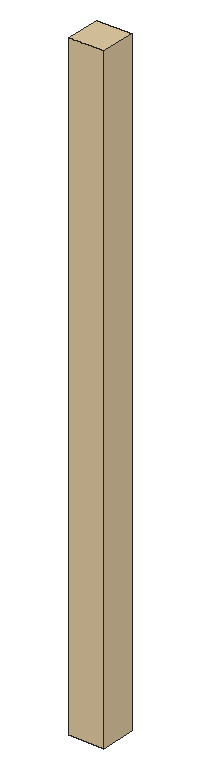
Revit family "M_Timber-Column", category 구조 기둥, Revit 2026
Family settings
  단면 모양 = 정의되지 않음
  모델 동작 재료 = 목재
  항상 형상으로 내보내기 = 아니오
  평면의 보 전환 = 경계 상자에서
  로드될 때 보이드를 사용하여 절단 = 아니오
  기호 표현 = 프로젝트 설정에서
  공유 = 아니오
  평면도에서 미리 절단된 패밀리 표시 = 예
Parameters (values of type "140x140")
  Assembly Code = ""
  Structural Material [instance] = Wood - Dimensional Lumber
  A = 0.01952 m²
  Ix = 3174
  Iy = 3174
  Sx = 454.4
  Sy = 454.4
  b = 139.7 mm
  d = 139.7 mm
Reference planes
  plane 1 "Center (Front/Back)": y = 0
  plane 2: z = 0
  plane 3 "Center (Left/Right)": x = 0
  plane 4: x = -69.85
  plane 5: x = 69.85
  plane 6: y = 69.85
  plane 7: y = -69.85
Forms (mm)
  Extrusion 1, solid, material "Wood - Dimensional Lumber" <- "Structural Material", detail levels medium+fine
    sketch origin (0, 0, 0) x (1, 0, 0) y (0, 1, 0)
      loop
        line (-69.85, 69.85) -> (-69.85, -69.85) -> (69.85, -69.85) -> (69.85, 69.85) -> (-69.85, 69.85)
    from 0 to 2500
Lines and regions (mm)
  symbolic lines, style "StructuralColumnStickSymbols", detail levels coarse
    curve 1: line (-69.85, 69.85, 0) -> (69.85, 69.85, 0)
    curve 2: line (-69.85, -69.85, 0) -> (69.85, -69.85, 0)
    curve 3: line (-69.85, 69.85, 0) -> (-69.85, -69.85, 0)
    curve 4: line (69.85, 69.85, 0) -> (69.85, -69.85, 0)
Dimensions and locks
  equal spacing: plane 4, plane 3 "Center (Left/Right)", plane 5
  equal spacing: plane 7, plane 1 "Center (Front/Back)", plane 6
  "d": plane 7 to plane 6
  "b": plane 4 to plane 5
  aligned and locked: plane 6 to Extrusion 1 sketch curve
  aligned and locked: Extrusion 1 sketch curve to plane 7
  aligned and locked: Extrusion 1 sketch curve to plane 4
  aligned and locked: plane 5 to Extrusion 1 sketch curve
  aligned and locked: level to Extrusion 1
  aligned and locked: level to plane 2
  aligned and locked: Extrusion 1 to plane 2
Automatic sketch dimensions
  curve 3 to plane 4 = 0 mm
  curve 4 to plane 5 = 0 mm
  curve 3 to plane 7 = 0 mm
  curve 3 to plane 6 = 0 mm
